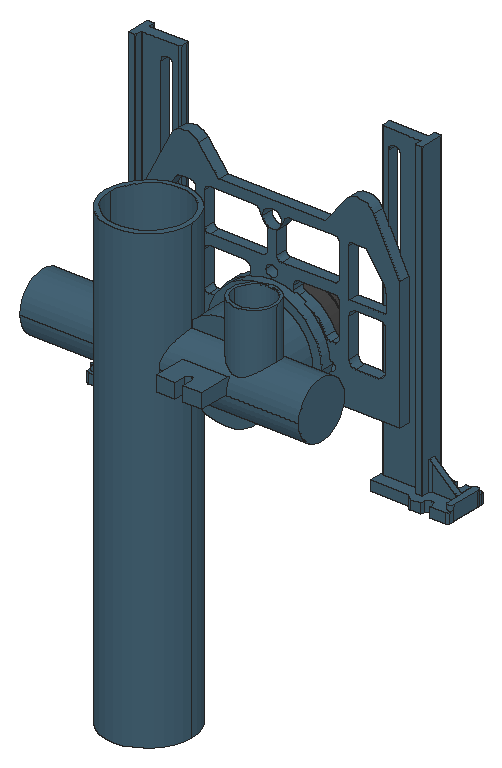
Revit family "Fixture_Support-Water_Closet_Offset_Vertical_Narrow_Wall-Zurn-ZN1209", category Plumbing Fixtures, Revit 2022
Family settings
  Round Connector Dimension = Use Radius
  Part Type = Normal
  OmniClass Number = 23.45.55.11
  OmniClass Title = Sanitary Components
  Work Plane-Based = No
  Always vertical = Yes
  Cut with Voids When Loaded = No
  Maintain Annotation Orientation = No
  Shared = No
  Room Calculation Point = No
Parameters (values of type "ZN1209-NL4")
  Width = 18.875"
  Water Closet Inlet Radius = 1.500"
  Waste Connection = 1 = 1  # yes
  WFU = 1  # constant formula
  Vertical Offset Pipe_NR4 = no
  Vertical Offset Pipe_NL4 = yes
  Vent_NR4 = no
  Vent_NL4 = yes
  Vent Pipe Radius (Nominal) = 1.000"
  Vent Connection = 1 = 0  # no
  URL = "www.zurn.com"
  Type Comments = ""
  Rough_in Height [instance] = if(Enter_Rough_in Height > 9.500", 9.500", if(Enter_Rough_in Height < 4.500", 4.500", Enter_Rough_in Height))  # 5.000"
  Rotational Vent Distance = 3.000"
  Rotational Connector Distance = 0.000"
  Product data url = "https://www.bimobject.com/en-in/zurnindustries/product/zn1209"
  Product Page URL = "https://www.zurn.com/products/drainage-interceptors/carriers-fixture-supports/water-closet-toilet-carriers/zn1209"
  Product Installation Sheet URL = "https://files.zurn.com/care-cleaning-install-warranty-sheets/c17.pdf"
  Product Documentation Link = "https://files.zurn.com/spec-sheets/zn1209-n4.pdf"
  Outlet Pipe Radius (Outer) = 2.250"
  Outlet Pipe Radius (Nominal) = 2.000"
  Outlet Pipe Radius (Inside) = 2.013"
  Modified Date = "03/27/2026"  # constant formula
  Model lines_NR4 = no
  Model Lines_NL4 = yes
  Model = "ZN1209-N4"  # constant formula
  Masking region_NR4 = no
  Masking region_NL4 = yes
  Manufacurer Brand = "Zurn"  # constant formula
  Manufacturer = "Zurn Water, LLC"  # constant formula
  Main Material = Iron - Zurn - Cast - Painted - Blue
  Horizontal Pipe_NR4 = no
  Horizontal Pipe_NL4 = yes
  Height = 16.750"
  HWFU = 0  # constant formula
  HW Connection = 1 = 0  # no
  Enter_Rough_in Height [instance] = 5.000"
  Vent Pipe Radius (Inside) = 1.034"
  Vent Pipe Radius (Outer) = 1.188"
  Vertical Stack Height = 24.000"
  Dimension - N = 6.875"
  Leg to Center of Vertical Pipe = 3.875"
  Description = "VERTICAL OFFSET SIPHON JET NO-HUB NARROW\r\nWALL SYSTEM"  # constant formula
  Default Elevation = 20.000"  # constant formula
  Date Created = "04/03/2019"  # constant formula
  Coupling Radius = 2.313"
  Coupling Material = ABS - Zurn - Plastic
  CWFU = 0  # constant formula
  CW Connection = 1 = 0  # no
  Assembly Code = "D2030400"
  Approx. Weight (Lbs) = 67.00 lbf  # constant formula
Reference planes (in)
  plane 1 "Center (Front/Back)": y = 0
  plane 2: z = 0
  plane 3 "Center (Left/Right)": x = 0
  plane 4: z = 16.75
  plane 5: z = 1
  plane 6: z = 16.75
  plane 7: x = 9.51067
  plane 8: x = -9.4375
  plane 9: x = 9.4375
  plane 10: z = 16.75
  plane 11: z = 1
  plane 12: z = 16.75
  plane 13: x = -9.51067
  plane 14: z = 1.25
  plane 15: x = 7.3375
  plane 16: x = 10.1175
  plane 17: z = 2.25
  plane 18: z = 2.25
  plane 19: z = 15.75
  plane 20: x = -5.9225
  plane 21: x = 5.9375
  plane 22: x = -5.2375
  plane 23: z = 10.1875
  plane 24: z = 8.9375
  plane 25: z = 9.5625
  plane 26: z = 15.75
  plane 27: x = 5.9225
  plane 28: x = -5.9375
  plane 29: x = 5.2375
  plane 30: z = 10.1875
  plane 31: z = 8.9375
  plane 32: z = 9.5625
  plane 33: y = 0.25
  plane 34: y = -0.25
  plane 35: y = 0.125
  plane 36: z = 16.75
  plane 37: z = 10.1875
  plane 38: x = -4.5
  plane 39: x = 4.5
  plane 40: z = 11.6875
  plane 41: x = -5.2375
  plane 42: x = 5.2375
  plane 43: x = -3.8625
  plane 44: x = 2.60138
  plane 45 "Horizontal Mid Plane": z = 5
  plane 46: z = 12.5
  plane 47: z = 1.875
  plane 48: z = 3.37538
  plane 49: x = -2.7809
  plane 50: x = 2.7809
  plane 51: x = 6.63045
  plane 52: x = -6.63045
  plane 53: z = 1.68766
  plane 54: x = -1
  plane 55: x = 1
  plane 56: z = 1.08788
  plane 57: z = 10.8125
  plane 58: z = 11.1875
  plane 59: x = -3.5
  plane 60: x = 3.5
  plane 61: x = 3.0625
  plane 62: z = 1.625
  plane 63: y = 5
  plane 64: x = -1.5
  plane 65: x = -1.5
  plane 66: x = 1.5
  plane 67: x = -2.1875
  plane 68: x = 3.5
  plane 69: y = 1.15625
  plane 70: y = -1.15625
  plane 71: z = 9.0625
  plane 72: z = -12.6875
  plane 73: y = -0.729
  plane 74: y = -2
  plane 75: z = 9
  plane 76: z = 3.20154
  plane 77: z = 6
  plane 78 "yy": y = -6.5
  plane 79: z = 5.75
  plane 80: x = -1.1875
  plane 81: x = 1.1875
  plane 82: z = 0.75
  plane 83: y = -2
  plane 84 "N Plane for N32": y = -6.125
  plane 85: y = -7.5
  plane 86 "B & H Plane": z = 11.3125
  plane 87: y = 0
  plane 88: z = 5.1875
  plane 89 "N Plane for N42": y = -2.375
  plane 90: y = 2.375
  plane 91: y = 1.188
  plane 92: y = -1.188
  plane 93: x = -2.3125
  plane 94: x = 2.3125
  plane 95 "X Plane": z = 7.313
  plane 96: z = 2.687
  plane 97: x = 1.188
  plane 98: x = -1.188
  plane 99 "MIDD": y = -3.875
  plane 100: x = -2.81065
  plane 101: x = 2.60138
  plane 102: x = 1.188
  plane 103: x = -1.188
  plane 104: x = -2.25
  plane 105: x = 2.25
  plane 106 "C PLANE": x = -1.188
  plane 107 "C PLANE-2": x = 1.188
  plane 108 "Plane for stand": y = -9.875
  plane 109: y = -1.35038
  plane 110: y = -8.875
  plane 111: y = -6.875
  plane 112: y = -7.92742
  plane 113: y = -6.68399
  plane 114: x = -1.74852
  plane 115: x = 1.75
  plane 116: x = 3.02717
  plane 117: x = -2.59708
  plane 118: x = -3
  plane 119: y = -18.49644
  plane 120: y = -5.063
  plane 121: z = 11.3125
  plane 122: z = 11.8125
  plane 123: z = 14.3125
  plane 124: y = -0.938
  plane 125: x = 6.57627
  plane 126 "Offset R Plane": x = 4
  plane 127 "New Plane 1": x = 9.5
  plane 128 "New Plane 2": x = -5
  plane 129: y = -5.75
  plane 130: y = 3.95924
  plane 131 "Vent R Plane": x = -1.5
  plane 132: x = 6.25
  plane 133 "Offset L plane": x = -4
  plane 134: x = 5
  plane 135: x = 5
  plane 136: x = -9.5
  plane 137: x = -2.688
  plane 138: x = -0.312
  plane 139: x = 0.312
  plane 140: x = 2.688
  plane 141 "Vent Plane _L4": x = 1.5
  plane 142: y = -1.5
  plane 143: y = -2.687
  plane 144: y = -1.625
  plane 145: x = -6.25148
  plane 146: z = 11.3125
  plane 147 "Rotational Plane": x = -4
  plane 148 "Rotational Vent": x = 1.5
  plane 149: y = 1.25
  plane 150 "Coupling Plane": y = 1.5625
  plane 151: z = 7.313
  plane 152: z = 2.687
  plane 153: y = -5.34384
  plane 154: y = -0.25
  plane 155: y = -2.40625
Forms (in)
  Sweep 1, solid, material "Iron - Zurn - Cast - Painted - Blue" <- "Main Material", detail levels fine
    path origin (17.7625, 0, 0) x (1, 0, 0) y (0, 0, 1)
      loop
        line (-23, 0) -> (-23, 0.5)
    profile origin (-5.2375, 0, 0.25) x (-1, 0, 0) y (0, -1, 0)
      loop
        arc (4.2, 1.06445) -> (4.1328, 1.13165) -> (4.04099, 1.15625) r 0.1836
        line (4.04099, 1.15625) -> (3.24597, 1.15625) -> (3.24597, 0.99724)
        arc (3.24597, 0.99724) -> (3.00746, 0.75874) -> (2.76895, 0.99724) r 0.23851
        line (2.76895, 0.99724) -> (2.76895, 1.15625) -> (2.24328, 1.15625)
        arc (2.24328, 1.15625) -> (2.14359, 1.13481) -> (2.05724, 1.08056) r 0.29363
        line (2.05724, 1.08056) -> (1.90806, 0.82159) -> (0, 0.82159) -> (0, -0.93138) -> (1.90806, -0.93138) -> (2.05724, -1.08056)
        arc (2.05724, -1.08056) -> (2.14359, -1.13481) -> (2.24328, -1.15625) r 0.29363
        line (2.24328, -1.15625) -> (2.76895, -1.15625) -> (2.76895, -0.79503)
        arc (2.76895, -0.79503) -> (3.00746, -0.55652) -> (3.24597, -0.79503) r 0.23851
        line (3.24597, -0.79503) -> (3.24597, -1.15625) -> (4.04099, -1.15625)
        arc (4.04099, -1.15625) -> (4.15343, -1.10968) -> (4.2, -0.99724) r 0.15901
        line (4.2, -0.99724) -> (4.2, 1.06445)
  Sweep 2, solid, material "Iron - Zurn - Cast - Painted - Blue" <- "Main Material", detail levels fine
    path origin (-17.68933, 0, 0) x (-1, 0, 0) y (0, 0, -1)
      loop
        line (-23, 0) -> (-23, -16.75)
    profile origin (5.31067, 0, 8.375) x (-1, 0, 0) y (0, -1, 0)
      loop
        line (14.74817, 0) -> (14.74817, 0.77375)
        arc (14.74817, 0.77375) -> (14.57914, 0.94278) -> (14.41011, 0.77375) r 0.16903
        line (14.41011, 0.77375) -> (14.41011, 0.25284)
        arc (14.41011, 0.25284) -> (14.37267, 0.16244) -> (14.28227, 0.125) r 0.12784
        line (14.28227, 0.125) -> (13.05094, 0.125)
        arc (13.05094, 0.125) -> (12.98255, 0.15333) -> (12.95422, 0.22172) r 0.09672
        line (12.95422, 0.22172) -> (12.95422, 0.59656)
        arc (12.95422, 0.59656) -> (12.94432, 0.62047) -> (12.92041, 0.63037) r 0.03382
        line (12.92041, 0.63037) -> (12.64419, 0.63037)
        arc (12.64419, 0.63037) -> (12.60743, 0.61515) -> (12.59221, 0.5784) r 0.05198
        line (12.59221, 0.5784) -> (12.59221, 0.30224)
        arc (12.59221, 0.30224) -> (12.57691, 0.2653) -> (12.53997, 0.25) r 0.05224
        line (12.53997, 0.25) -> (10.65799, 0.25)
        arc (10.65799, 0.25) -> (10.58033, 0.21783) -> (10.54817, 0.14018) r 0.10982
        line (10.54817, 0.14018) -> (10.54817, 0) -> (10.54817, -0.17683)
        arc (10.54817, -0.17683) -> (10.5696, -0.22857) -> (10.62133, -0.25) r 0.07317
        line (10.62133, -0.25) -> (12.53997, -0.25)
        arc (12.53997, -0.25) -> (12.57691, -0.2653) -> (12.59221, -0.30224) r 0.05224
        line (12.59221, -0.30224) -> (12.59221, -0.5784)
        arc (12.59221, -0.5784) -> (12.60743, -0.61515) -> (12.64419, -0.63037) r 0.05198
        line (12.64419, -0.63037) -> (12.92041, -0.63037)
        arc (12.92041, -0.63037) -> (12.94432, -0.62047) -> (12.95422, -0.59656) r 0.03382
        line (12.95422, -0.59656) -> (12.95422, -0.22172)
        arc (12.95422, -0.22172) -> (12.98255, -0.15333) -> (13.05094, -0.125) r 0.09672
        line (13.05094, -0.125) -> (14.30998, -0.125)
        arc (14.30998, -0.125) -> (14.35466, -0.14351) -> (14.37317, -0.18819) r 0.06319
        line (14.37317, -0.18819) -> (14.37317, -0.76369)
        arc (14.37317, -0.76369) -> (14.56067, -0.95119) -> (14.74817, -0.76369) r 0.1875
        line (14.74817, -0.76369) -> (14.74817, 0)
  Sweep 3, solid, material "Iron - Zurn - Cast - Painted - Blue" <- "Main Material", detail levels fine
    path origin (-17.7625, 0, 0) x (-1, 0, 0) y (0, 0, -1)
      loop
        line (-23, 0) -> (-23, -0.5)
    profile origin (5.2375, 0, 0.25) x (-1, 0, 0) y (0, -1, 0)
      loop
        line (-4.2, 1.06445) -> (-4.2, -0.99724)
        arc (-4.2, -0.99724) -> (-4.15343, -1.10968) -> (-4.04099, -1.15625) r 0.15901
        line (-4.04099, -1.15625) -> (-3.24597, -1.15625) -> (-3.24597, -0.99724)
        arc (-3.24597, -0.99724) -> (-3.00746, -0.75874) -> (-2.76895, -0.99724) r 0.23851
        line (-2.76895, -0.99724) -> (-2.76895, -1.15625) -> (-2.24328, -1.15625)
        arc (-2.24328, -1.15625) -> (-2.14359, -1.13481) -> (-2.05724, -1.08056) r 0.29363
        line (-2.05724, -1.08056) -> (-1.90806, -0.93138) -> (0, -0.93138) -> (0, 0.93138) -> (-1.90806, 0.93138) -> (-2.05724, 1.08056)
        arc (-2.05724, 1.08056) -> (-2.14359, 1.13481) -> (-2.24328, 1.15625) r 0.29363
        line (-2.24328, 1.15625) -> (-2.76895, 1.15625) -> (-2.76895, 0.99724)
        arc (-2.76895, 0.99724) -> (-3.00746, 0.75874) -> (-3.24597, 0.99724) r 0.23851
        line (-3.24597, 0.99724) -> (-3.24597, 1.15625) -> (-4.04099, 1.15625)
        arc (-4.04099, 1.15625) -> (-4.1328, 1.13165) -> (-4.2, 1.06445) r 0.1836
  Sweep 4, solid, material "Iron - Zurn - Cast - Painted - Blue" <- "Main Material", detail levels fine
    path origin (17.68933, 0, 0) x (1, 0, 0) y (0, 0, 1)
      loop
        line (-23, 0) -> (-23, 16.75)
    profile origin (-5.31067, 0, 8.375) x (-1, 0, 0) y (0, -1, 0)
      loop
        line (-14.74817, 0) -> (-14.74817, -0.76369)
        arc (-14.74817, -0.76369) -> (-14.56067, -0.95119) -> (-14.37317, -0.76369) r 0.1875
        line (-14.37317, -0.76369) -> (-14.37317, -0.18819)
        arc (-14.37317, -0.18819) -> (-14.35466, -0.14351) -> (-14.30998, -0.125) r 0.06319
        line (-14.30998, -0.125) -> (-13.05094, -0.125)
        arc (-13.05094, -0.125) -> (-12.98255, -0.15333) -> (-12.95422, -0.22172) r 0.09672
        line (-12.95422, -0.22172) -> (-12.95422, -0.59656)
        arc (-12.95422, -0.59656) -> (-12.94432, -0.62047) -> (-12.92041, -0.63037) r 0.03382
        line (-12.92041, -0.63037) -> (-12.64419, -0.63037)
        arc (-12.64419, -0.63037) -> (-12.60743, -0.61515) -> (-12.59221, -0.5784) r 0.05198
        line (-12.59221, -0.5784) -> (-12.59221, -0.30224)
        arc (-12.59221, -0.30224) -> (-12.57691, -0.2653) -> (-12.53997, -0.25) r 0.05224
        line (-12.53997, -0.25) -> (-10.62133, -0.25)
        arc (-10.62133, -0.25) -> (-10.5696, -0.22857) -> (-10.54817, -0.17683) r 0.07317
        line (-10.54817, -0.17683) -> (-10.54817, 0) -> (-10.54817, 0.14018)
        arc (-10.54817, 0.14018) -> (-10.58033, 0.21783) -> (-10.65799, 0.25) r 0.10982
        line (-10.65799, 0.25) -> (-12.53997, 0.25)
        arc (-12.53997, 0.25) -> (-12.57691, 0.2653) -> (-12.59221, 0.30224) r 0.05224
        line (-12.59221, 0.30224) -> (-12.59221, 0.5784)
        arc (-12.59221, 0.5784) -> (-12.60743, 0.61515) -> (-12.64419, 0.63037) r 0.05198
        line (-12.64419, 0.63037) -> (-12.92041, 0.63037)
        arc (-12.92041, 0.63037) -> (-12.94432, 0.62047) -> (-12.95422, 0.59656) r 0.03382
        line (-12.95422, 0.59656) -> (-12.95422, 0.22172)
        arc (-12.95422, 0.22172) -> (-12.98255, 0.15333) -> (-13.05094, 0.125) r 0.09672
        line (-13.05094, 0.125) -> (-14.28227, 0.125)
        arc (-14.28227, 0.125) -> (-14.37267, 0.16244) -> (-14.41011, 0.25284) r 0.12784
        line (-14.41011, 0.25284) -> (-14.41011, 0.77375)
        arc (-14.41011, 0.77375) -> (-14.57914, 0.94278) -> (-14.74817, 0.77375) r 0.16903
        line (-14.74817, 0.77375) -> (-14.74817, 0)
  Extrusion 5, void
    sketch origin (0, 0, 0) x (1, 0, 0) y (0, 0, 1)
      loop
        line (7.64356, 16.75) -> (7.64356, 1.99495) -> (9.07571, 0.75) -> (10.1175, 0.75) -> (10.1175, 16.75) -> (7.64356, 16.75)
    from -1.15625 to 1.15651
  Extrusion 6, void
    sketch origin (0, 0, 0) x (-1, 0, 0) y (0, 0, -1)
      loop
        line (7.64356, -16.75) -> (10.1175, -16.75) -> (10.1175, -0.75) -> (9.09394, -0.75) -> (7.64356, -1.99495) -> (7.64356, -16.75)
    from -3.06406 to 1.15651
  Extrusion 7, void
    sketch origin (0, 0, 0) x (1, 0, 0) y (0, 0, 1)
      loop
        line (-6.235, 15.75) -> (-6.235, 10.1875)
        arc (-6.235, 10.1875) -> (-5.9225, 9.875) -> (-5.61, 10.1875) r 0.3125
        line (-5.61, 10.1875) -> (-5.61, 15.75)
        arc (-5.61, 15.75) -> (-5.9225, 16.0625) -> (-6.235, 15.75) r 0.3125
      loop
        arc (-6.235, 3.375) -> (-5.9225, 3.0625) -> (-5.61, 3.375) r 0.3125
        line (-5.61, 3.375) -> (-5.61, 8.9375)
        arc (-5.61, 8.9375) -> (-5.9225, 9.25) -> (-6.235, 8.9375) r 0.3125
        line (-6.235, 8.9375) -> (-6.235, 3.375)
    from -0.63037 to 1.15651
  Extrusion 8, void
    sketch origin (0, 0, 0) x (-1, 0, 0) y (0, 0, -1)
      loop
        arc (-6.235, -15.75) -> (-5.9225, -16.0625) -> (-5.61, -15.75) r 0.3125
        line (-5.61, -15.75) -> (-5.61, -10.1875)
        arc (-5.61, -10.1875) -> (-5.9225, -9.875) -> (-6.235, -10.1875) r 0.3125
        line (-6.235, -10.1875) -> (-6.235, -15.75)
      loop
        line (-6.235, -3.375) -> (-6.235, -8.9375)
        arc (-6.235, -8.9375) -> (-5.9225, -9.25) -> (-5.61, -8.9375) r 0.3125
        line (-5.61, -8.9375) -> (-5.61, -3.375)
        arc (-5.61, -3.375) -> (-5.9225, -3.0625) -> (-6.235, -3.375) r 0.3125
    from -0.63037 to 1.15651
  Extrusion 9, solid, material "Iron - Zurn - Cast - Painted - Blue" <- "Main Material", detail levels fine
    sketch origin (0, 0, 0) x (1, 0, 0) y (0, 0, 1)
      loop
        line (-2.7809, 11.6875) -> (-3.804, 13.0303)
        arc (-3.804, 13.0303) -> (-4.58241, 13.37111) -> (-5.2831, 12.89037) r 0.875
        line (-5.2831, 12.89037) -> (-6.63045, 10.1875) -> (-6.63045, 3.37538) -> (-3.05487, 3.37538)
        arc (-3.05487, 3.37538) -> (-2.19604, 2.32624) -> (-1, 1.68766) r 3.46
        line (-1, 1.68766) -> (-1, 1.08788) -> (1, 1.08788) -> (1, 1.68766)
        arc (1, 1.68766) -> (2.19604, 2.32624) -> (3.05487, 3.37538) r 3.46
        line (3.05487, 3.37538) -> (6.63045, 3.37538) -> (6.63045, 10.1875) -> (5.2831, 12.89037)
        arc (5.2831, 12.89037) -> (4.58241, 13.37111) -> (3.804, 13.0303) r 0.875
        line (3.804, 13.0303) -> (2.7809, 11.6875) -> (-2.7809, 11.6875)
    from 0.25 to 0.82159
  Extrusion 10, void
    sketch origin (0, 0, 0) x (1, 0, 0) y (0, 0, 1)
      loop
        circle (0, 10.8125) r 0.5
    from 0 to 0.82159
  Extrusion 11, void
    sketch origin (0, 0, 0) x (1, 0, 0) y (0, 0, 1)
      loop
        arc (-3.25, 11.1875) -> (-3.42678, 11.11428) -> (-3.5, 10.9375) r 0.25
        line (-3.5, 10.9375) -> (-3.5, 9.19494)
        arc (-3.5, 9.19494) -> (-3.42678, 9.01816) -> (-3.25, 8.94494) r 0.25
        line (-3.25, 8.94494) -> (-0.5, 8.94494)
        arc (-0.5, 8.94494) -> (-0.32322, 9.01816) -> (-0.25, 9.19494) r 0.25
        line (-0.25, 9.19494) -> (-0.25, 10.36509)
        arc (-0.25, 10.36509) -> (-0.51673, 10.65947) -> (-0.65305, 11.03259) r 1.03592
        arc (-0.65305, 11.03259) -> (-0.76954, 11.14609) -> (-0.92682, 11.1875) r 0.31937
        line (-0.92682, 11.1875) -> (-3.25, 11.1875)
      loop
        line (3.25, 11.1875) -> (0.92682, 11.1875)
        arc (0.92682, 11.1875) -> (0.76954, 11.14609) -> (0.65305, 11.03259) r 0.31937
        arc (0.65305, 11.03259) -> (0.51673, 10.65947) -> (0.25, 10.36509) r 1.03592
        line (0.25, 10.36509) -> (0.25, 9.19494)
        arc (0.25, 9.19494) -> (0.32322, 9.01816) -> (0.5, 8.94494) r 0.25
        line (0.5, 8.94494) -> (3.25, 8.94494)
        arc (3.25, 8.94494) -> (3.42678, 9.01816) -> (3.5, 9.19494) r 0.25
        line (3.5, 9.19494) -> (3.5, 10.9375)
        arc (3.5, 10.9375) -> (3.42678, 11.11428) -> (3.25, 11.1875) r 0.25
      loop
        line (4, 10.97357) -> (4, 8.438) -> (5.9375, 8.438) -> (5.9375, 9.26778)
        arc (5.9375, 9.26778) -> (5.87965, 9.64366) -> (5.71144, 9.98475) r 1.25
        line (5.71144, 9.98475) -> (4.94391, 11.08089)
        arc (4.94391, 11.08089) -> (4.85456, 11.15925) -> (4.73912, 11.1875) r 0.25
        line (4.73912, 11.1875) -> (4.21393, 11.1875)
        arc (4.21393, 11.1875) -> (4.06266, 11.12484) -> (4, 10.97357) r 0.21393
      loop
        arc (-4, 10.97357) -> (-4.06266, 11.12484) -> (-4.21393, 11.1875) r 0.21393
        line (-4.21393, 11.1875) -> (-4.73912, 11.1875)
        arc (-4.73912, 11.1875) -> (-4.85456, 11.15925) -> (-4.94391, 11.08089) r 0.25
        line (-4.94391, 11.08089) -> (-5.71144, 9.98475)
        arc (-5.71144, 9.98475) -> (-5.87965, 9.64366) -> (-5.9375, 9.26778) r 1.25
        line (-5.9375, 9.26778) -> (-5.9375, 8.25)
        arc (-5.9375, 8.25) -> (-5.90089, 8.16161) -> (-5.8125, 8.125) r 0.125
        line (-5.8125, 8.125) -> (-4, 8.125) -> (-4, 10.97357)
      loop
        line (-3.5, 8.19494) -> (-3.5, 6.3744)
        arc (-3.5, 6.3744) -> (-3.43909, 6.22735) -> (-3.29205, 6.16644) r 0.20795
        line (-3.29205, 6.16644) -> (-3.06674, 6.16644)
        arc (-3.06674, 6.16644) -> (-2.91657, 6.21061) -> (-2.81065, 6.32586) r 0.29267
        arc (-2.81065, 6.32586) -> (-2.19195, 7.1595) -> (-1.26847, 7.63377) r 2.28719
        arc (-1.26847, 7.63377) -> (-1.15787, 7.75228) -> (-1.11773, 7.90933) r 0.32722
        line (-1.11773, 7.90933) -> (-1.11773, 8.11898)
        arc (-1.11773, 8.11898) -> (-1.2256, 8.34324) -> (-1.45272, 8.44494) r 0.36214
        line (-1.45272, 8.44494) -> (-3.25, 8.44494)
        arc (-3.25, 8.44494) -> (-3.42678, 8.37172) -> (-3.5, 8.19494) r 0.25
      loop
        arc (3.5, 8.19494) -> (3.42678, 8.37172) -> (3.25, 8.44494) r 0.25
        line (3.25, 8.44494) -> (1.45272, 8.44494)
        arc (1.45272, 8.44494) -> (1.2256, 8.34324) -> (1.11773, 8.11898) r 0.36214
        line (1.11773, 8.11898) -> (1.11773, 7.90933)
        arc (1.11773, 7.90933) -> (1.15787, 7.75228) -> (1.26847, 7.63377) r 0.32722
        arc (1.26847, 7.63377) -> (2.19195, 7.1595) -> (2.81065, 6.32586) r 2.28719
        arc (2.81065, 6.32586) -> (2.91657, 6.21061) -> (3.06674, 6.16644) r 0.29267
        line (3.06674, 6.16644) -> (3.29205, 6.16644)
        arc (3.29205, 6.16644) -> (3.43909, 6.22735) -> (3.5, 6.3744) r 0.20795
        line (3.5, 6.3744) -> (3.5, 8.19494)
      loop
        arc (-5.58933, 7.75) -> (-5.82117, 7.65397) -> (-5.91721, 7.42212) r 0.32788
        line (-5.91721, 7.42212) -> (-5.91721, 5.67274)
        arc (-5.91721, 5.67274) -> (-5.81169, 5.41801) -> (-5.55697, 5.3125) r 0.36024
        line (-5.55697, 5.3125) -> (-4.34636, 5.3125)
        arc (-4.34636, 5.3125) -> (-4.10721, 5.41156) -> (-4.00815, 5.65072) r 0.33822
        line (-4.00815, 5.65072) -> (-4.00815, 7.38173)
        arc (-4.00815, 7.38173) -> (-4.11601, 7.64214) -> (-4.37642, 7.75) r 0.36827
        line (-4.37642, 7.75) -> (-5.58933, 7.75)
      loop
        line (5.58933, 8.063) -> (4.37642, 8.063)
        arc (4.37642, 8.063) -> (4.11601, 7.95514) -> (4.00815, 7.69473) r 0.36827
        line (4.00815, 7.69473) -> (4.00815, 5.65072)
        arc (4.00815, 5.65072) -> (4.10721, 5.41156) -> (4.34636, 5.3125) r 0.33822
        line (4.34636, 5.3125) -> (5.55697, 5.3125)
        arc (5.55697, 5.3125) -> (5.81169, 5.41801) -> (5.91721, 5.67274) r 0.36024
        line (5.91721, 5.67274) -> (5.91721, 7.73512)
        arc (5.91721, 7.73512) -> (5.82117, 7.96697) -> (5.58933, 8.063) r 0.32788
      loop
        circle (0, 8.375) r 0.3125
      loop
        circle (3.0625, 5) r 0.25
      loop
        circle (-3.0625, 5) r 0.25
      loop
        circle (0, 1.625) r 0.3125
      loop
        circle (0, 5) r 2.75
    from -0.93138 to 1.8997
  Extrusion 12, solid, material "Iron - Zurn - Cast - Painted - Blue" <- "Main Material", visible <- "Vertical Offset Pipe_NR4", detail levels fine
    sketch origin (0.00148, 0, 0) x (1, 0, 0) y (0, 1, 0)
      loop
        circle (3.99852, -3.875) r 2.013
      loop
        circle (3.99852, -3.875) r 2.25
    from -12.6875 to 11.3125
  Extrusion 13, solid, material "Iron - Zurn - Cast - Painted - Blue" <- "Main Material", detail levels fine
    sketch origin (0, 0, 0) x (1, 0, 0) y (0, 0, 1)
      loop
        circle (0, 5) r 3
    from 0.729 to 1.35038
  Extrusion 14, solid, material "Iron - Zurn - Cast - Painted - Blue" <- "Main Material", detail levels fine
    sketch origin (0, 0, 0) x (1, 0, 0) y (0, 1, 0)
      loop
        line (-1.1875, -4.75894) -> (-1.1875, -6.875) -> (-0.21046, -6.875) -> (-0.21046, -6.30899)
        arc (-0.21046, -6.30899) -> (0, -6.09853) -> (0.21046, -6.30899) r 0.21046
        line (0.21046, -6.30899) -> (0.21046, -6.875) -> (1.1875, -6.875) -> (1.1875, -4.75894) -> (-1.1875, -4.75894)
    from 5.75 to 5
  Extrusion 15, solid, material "Iron - Zurn - Cast - Painted - Blue" <- "Main Material", visible <- "Vent_NR4", detail levels fine
    sketch origin (0, -5.74975, -12.6875) x (1, 0, 0) y (0, -1, 0)
      loop
        circle (-1.5, -1.87475) r 1.188
      loop
        circle (-1.5, -1.87475) r 1.034
    from -21.75 to -17.6875
  Extrusion 16, solid, material "Iron - Zurn - Cast - Painted - Blue" <- "Main Material", visible <- "Horizontal Pipe_NR4", detail levels fine
    sketch origin (0, 0, 0) x (0, 1, 0) y (0, 0, 1)
      loop
        circle (-3.875, 5) r 1.46875
    from -5 to 9.5
  Extrusion 17, solid, material "Iron - Zurn - Cast - Painted - Blue" <- "Main Material", detail levels fine
    sketch origin (-15.25, -3.875, 48) x (-1, 0, 0) y (0, 0, 1)
      loop
        circle (-15.25, -43) r 2.5
    from 0 to 2.89962
  Extrusion 18, solid, material "Iron - Zurn - Cast - Painted - Blue" <- "Main Material", visible <- "Vertical Offset Pipe_NL4", detail levels fine
    sketch origin (0, 0, 0) x (-1, 0, 0) y (0, -1, 0)
      loop
        circle (4, 3.875) r 2.013
      loop
        circle (4, 3.875) r 2.25
    from -12.6875 to 11.3125
  Extrusion 19, solid, material "Iron - Zurn - Cast - Painted - Blue" <- "Main Material", visible <- "Vent_NL4", detail levels fine
    sketch origin (0, -5.74975, -12.6875) x (1, 0, 0) y (0, -1, 0)
      loop
        circle (1.5, -1.87475) r 1.188
      loop
        circle (1.5, -1.87475) r 1.034
    from -21.75 to -17.1875
  Extrusion 20, solid, material "Iron - Zurn - Cast - Painted - Blue" <- "Main Material", visible <- "Horizontal Pipe_NL4", detail levels fine
    sketch origin (0, 0, 0) x (0, 1, 0) y (0, 0, -1)
      loop
        circle (-3.875, -5) r 1.46875
    from -5 to 9.5
  Sweep 21, solid, material "Iron - Zurn - Cast - Painted - Blue" <- "Main Material", not visible, detail levels fine
    path in 3D
      loop
        line (-4, -3.875, 11.3125) -> (-4, -3.875, -12.6875)
    profile origin (-4, -3.875, -0.6875) x (0, 1, 0) y (-1, 0, 0)
      loop
        circle (0, 0) r 0.25
  Extrusion 22, solid, material "ABS - Zurn - Plastic" <- "Coupling Material", detail levels fine
    sketch origin (-15.25, -3.875, 48) x (-1, 0, 0) y (0, 0, 1)
      loop
        circle (-15.25, -43) r 2.25
    from 3.146 to 5.125
  Extrusion 23, solid, material "ABS - Zurn - Plastic" <- "Coupling Material", detail levels fine
    sketch origin (-15.25, -3.875, 47.96875) x (-1, 0, 0) y (0, 0, 1)
      loop
        circle (-15.25, -42.96875) r 2.3125
    from 5.125 to 5.4375
  Sweep 24, solid, material "Iron - Zurn - Cast - Painted - Blue" <- "Main Material", not visible, detail levels fine
    path in 3D
      loop
        line (1.5, -3.875, 9.0625) -> (1.5, -3.875, 5)
    profile origin (1.5, -3.875, 7.03125) x (0, 1, 0) y (-1, 0, 0)
      loop
        circle (0, 0) r 0.25
Cuts and joins
  Extrusion 5, Extrusion 6 cuts Sweep 3
  Extrusion 5, Extrusion 6, Extrusion 8 cuts Sweep 4
  Extrusion 6, Extrusion 7, Extrusion 8 cuts Sweep 2
  Extrusion 10, Extrusion 11 cuts Extrusion 9
Lines and regions (in)
  Masking region 1, detail levels fine
    outline origin (0, 0, -11.187) x (1, 0, 0) y (0, 1, 0)
      loop
        line (-1.188, -5.7858) -> (-1.188, -6.875) -> (-0.21046, -6.875) -> (-0.21046, -6.30899)
        arc (-0.21046, -6.30899) -> (0, -6.09853) -> (0.21046, -6.30899) r 0.21046
        line (0.21046, -6.30899) -> (0.21046, -6.875) -> (1.188, -6.875) -> (1.188, -5.91136)
        arc (1.188, -5.91136) -> (1.50539, -5.68935) -> (1.78215, -5.41838) r 2.35756
        line (1.78215, -5.41838) -> (5, -5.41838) -> (5, -2.27847) -> (2.49962, -2.27847) -> (2.49962, -1.35038) -> (3.02717, -1.35038) -> (3.02717, -0.82159) -> (5.2375, -0.82159) -> (5.2375, -1.15625) -> (9.4375, -1.15625) -> (9.4375, 1.15625) -> (5.2375, 1.15625) -> (5.2375, -0.25) -> (2.3125, -0.25) -> (2.3125, 1.5625) -> (-2.3125, 1.5625) -> (-2.3125, -0.25) -> (-5.2375, -0.25) -> (-5.2375, 1.15625) -> (-9.4375, 1.15625) -> (-9.4375, -1.15625) -> (-5.2375, -1.15625) -> (-5.2375, -0.82159) -> (-3, -0.82159) -> (-3, -1.35038) -> (-2.5, -1.35038) -> (-2.5, -2.40625) -> (-5, -2.40625) -> (-5, -5.34384) -> (-1.70441, -5.34384)
        arc (-1.70441, -5.34384) -> (-1.46299, -5.58443) -> (-1.188, -5.7858) r 2.25
  Masking region 2, visible <- "Masking region_NL4", detail levels fine
    outline origin (0, -38.188, 11.3125) x (0, -1, 0) y (1, 0, 0)
      loop
        line (-35.78175, -9.5) -> (-32.84425, -9.5) -> (-32.84425, -5.70543)
        arc (-32.84425, -5.70543) -> (-32.06229, -3.99848) -> (-32.84656, -2.29258) r 2.25071
        arc (-32.84656, -2.29258) -> (-35.25144, -1.95426) -> (-36.56371, -3.99775) r 2.25071
        arc (-36.56371, -3.99775) -> (-36.35937, -4.93705) -> (-35.78175, -5.70543) r 2.25071
        line (-35.78175, -5.70543) -> (-35.78175, -9.5)
  Masking region 3, visible <- "Masking region_NR4", detail levels fine
    outline origin (0, -38.188, 11.3125) x (0, -1, 0) y (1, 0, 0)
      loop
        arc (-35.78156, 5.70465) -> (-34.31313, 1.75) -> (-32.84425, 5.70449) r 2.25
        line (-32.84425, 5.70449) -> (-32.84425, 9.5) -> (-35.78156, 9.5) -> (-35.78156, 5.70465)
  model lines, not visible, detail levels coarse+medium
    curve 1: line (-1.188, -3.875, 11.3125) -> (1.188, -3.875, 11.3125)
  symbolic lines, not visible, detail levels coarse+medium
    curve 2: line (0, -0.938, 11.3125) -> (0, -1.188, 11.3125)
  model lines, visible <- "Model lines_NR4", detail levels coarse+medium
    curve 3: line (-1.5, -3.875, 9.0625) -> (-1.5, -3.875, 5)
    curve 7: line (4, -3.875, -12.6875) -> (4, -3.875, 11.3125)
    curve 8: line (4, -6.125, -12.6875) -> (4, -1.5, -12.6875)
    curve 9: line (1.75, -3.875, -12.6875) -> (6.25, -3.875, -12.6875)
    curve 10: line (4, -1.5, 11.3125) -> (4, -6.125, 11.3125)
    curve 11: line (1.75, -3.875, 11.3125) -> (6.25, -3.875, 11.3125)
    curve 12: line (-2.688, -3.875, 9.0625) -> (-0.312, -3.875, 9.0625)
    curve 13: line (-1.5, -2.687, 9.0625) -> (-1.5, -5.063, 9.0625)
    curve 19: line (-5, -3.875, 5) -> (9.5, -3.875, 5)
  model lines, visible <- "Model Lines_NL4", detail levels coarse+medium
    curve 4: line (-4, -3.875, -12.6875) -> (-4, -3.875, 11.3125)
    curve 5: line (-9.5, -3.875, 5) -> (5, -3.875, 5)
    curve 6: line (1.5, -3.875, 9.0625) -> (1.5, -3.875, 5)
    curve 14: line (-6.25148, -3.875, -12.6875) -> (-1.74852, -3.875, -12.6875)
    curve 15: line (-4, -1.625, -12.6875) -> (-4, -6.125, -12.6875)
    curve 16: line (-4, -1.625, 11.3125) -> (-4, -6.125, 11.3125)
    curve 17: line (0.312, -3.875, 9.0625) -> (2.688, -3.875, 9.0625)
    curve 18: line (1.5, -5.063, 9.0625) -> (1.5, -2.687, 9.0625)
    curve 20: line (-6.25148, -3.875, 11.3125) -> (-1.74852, -3.875, 11.3125)
  reference lines
    curve 21: line (-4, -3.875, 11.3125) -> (-4, -3.875, -12.6875)
    curve 22: line (-4, -3.875, -12.6875) -> (-4, -3.875, 11.3125)
    curve 23: line (-4, -3.875, 11.3125) -> (-4, -3.875, -12.6875)
    curve 25: line (1.5, -3.875, 9.0625) -> (1.5, -3.875, 5)
  sketch lines
    curve 24: line (-4, -3.875, 11.3125) -> (-4, -3.875, -12.6875)
    curve 26: line (1.5, -3.875, 9.0625) -> (1.5, -3.875, 5)
  model lines, detail levels coarse+medium
    curve 27: line (0, -3.875, 5) -> (0, 1.5625, 5)
    curve 28: line (2.3125, 1.5625, 5) -> (-2.3125, 1.5625, 5)
    curve 29: line (0, 1.5625, 2.687) -> (0, 1.5625, 7.313)
Dimensions and locks (in)
  plane 4 to level = 16.750"
  plane 5 to level = 1.000"
  Sweep 2 sketch curve to profile plane = 0.250"  (x2)
  profile plane to plane 7 = 4.200"
  Sweep 2 sketch curve to Sweep 2 sketch curve = 0.36202"
  equal spacing: Sweep 2 sketch curve, profile plane, Sweep 2 sketch curve  (x2)
  Sweep 2 sketch curve to profile plane = 0.125"
  equal spacing: plane 9, plane 3 "Center (Left/Right)", plane 8
  plane 3 "Center (Left/Right)" to plane 8 = 9.4375"
  Sweep 4 sketch curve to profile plane = 0.250"  (x2)
  plane 13 to profile plane = 4.200"
  Sweep 4 sketch curve to Sweep 4 sketch curve = 0.36202"
  equal spacing: Sweep 4 sketch curve, profile plane, Sweep 4 sketch curve  (x2)
  Sweep 4 sketch curve to profile plane = 0.125"
  plane 14 to level = 1.250"
  plane 9 to plane 15 = 2.100"
  plane 16 to plane 9 = 0.680"
  plane 17 to level = 2.250"
  cut or joined group of Sweep 2, Extrusion 6, Extrusion 7, Extrusion 8 to plane 19 = 1.000"
  plane 22 to plane 20 = 0.685"
  plane 23 to plane 24 = 1.250"
  plane 29 to plane 27 = 0.685"
  plane 31 to plane 30 = 1.250"
  "Height": plane 36 to level
  plane 36 to plane 37 = 6.5625"
  equal spacing: plane 38, plane 3 "Center (Left/Right)", plane 39
  locked: plane 38 to plane 39 at 9
  plane 40 to plane 37 = 1.500"
  plane 41 to plane 43 = 1.375"
  plane 47 to level = 1.875"  (x2)
  "Width": plane 9 to plane 8
  "Rough_in Height": plane 45 "Horizontal Mid Plane" to level
  locked: plane 46 to plane 45 "Horizontal Mid Plane" at 7.5
  plane 46 to Extrusion 9 sketch curve = 0.8125"
  plane 45 "Horizontal Mid Plane" to plane 48 = 1.62462"  (x2)
  equal spacing: plane 50, plane 3 "Center (Left/Right)", plane 49
  locked: plane 40 to plane 45 "Horizontal Mid Plane" at 6.6875
  plane 48 to plane 47 = 1.50038"
  locked: plane 40 to Extrusion 9 sketch curve at 1.5
  locked: plane 40 to plane 37 at 1.5
  Extrusion 9 sketch curve to plane 48 = 6.81212"
  plane 45 "Horizontal Mid Plane" to plane 47 = 3.125"
  plane 40 to plane 48 = 8.31212"
  plane 48 to plane 53 = 1.68772"
  plane 46 to plane 47 = 10.625"
  plane 40 to plane 47 = 9.8125"
  locked: plane 45 "Horizontal Mid Plane" to plane 56 at 3.91212
  locked: plane 45 "Horizontal Mid Plane" to plane 53 at 3.31234
  plane 40 to plane 57 = 0.875"
  plane 3 "Center (Left/Right)" to Extrusion 11 sketch curve = 0.250"
  plane 40 to plane 58 = 0.500"
  plane 3 "Center (Left/Right)" to plane 59 = 3.500"
  plane 60 to plane 3 "Center (Left/Right)" = 3.500"
  Extrusion 11 sketch curve to plane 39 = 1.4375"
  Extrusion 11 sketch curve to Extrusion 11 sketch curve = 2.4375"
  plane 61 to plane 3 "Center (Left/Right)" = 3.0625"
  plane 45 "Horizontal Mid Plane" to plane 62 = 3.375"
  locked: plane 66 to plane 65 at 3
  plane 67 to plane 3 "Center (Left/Right)" = 2.1875"
  equal spacing: plane 70, plane 1 "Center (Front/Back)", plane 69
  locked: plane 70 to plane 69 at 2.3125
  plane 73 to plane 1 "Center (Front/Back)" = 0.729"
  plane 75 to plane 45 "Horizontal Mid Plane" = 4.000"
  plane 71 to plane 45 "Horizontal Mid Plane" = 4.0625"  (x2)
  plane 77 to plane 45 "Horizontal Mid Plane" = 1.000"
  plane 79 to plane 45 "Horizontal Mid Plane" = 0.750"
  equal spacing: plane 80, plane 3 "Center (Left/Right)", plane 81
  plane 80 to plane 3 "Center (Left/Right)" = 1.1875"
  plane 71 to plane 79 = 3.3125"
  plane 82 to level = 0.750"
  plane 83 to plane 73 = 1.271"
  plane 85 to plane 84 "N Plane for N32" = 1.375"
  plane 1 "Center (Front/Back)" to plane 87 = 0.000"
  plane 88 to plane 45 "Horizontal Mid Plane" = 0.1875"
  plane 86 "B & H Plane" to plane 88 = 6.125"
  "Vertical Stack Height": plane 86 "B & H Plane" to plane 72
  equal spacing: plane 89 "N Plane for N42", plane 87, plane 90
  plane 67 to plane 93 to plane 43 = 0.125", 1.550"
  plane 44 to plane 94 to plane 66 = 0.28888", 0.8125"
  plane 93 to plane 94 = 4.625"
  equal spacing: plane 93, plane 3 "Center (Left/Right)", plane 94
  equal spacing: plane 95 "X Plane", plane 45 "Horizontal Mid Plane", plane 96
  "Coupling Radius": plane 45 "Horizontal Mid Plane" to plane 96
  plane 87 to plane 1 "Center (Front/Back)" = 0.000"
  "Vent Pipe Radius (Outer)": plane 3 "Center (Left/Right)" to plane 106 "C PLANE"
  "Vent Pipe Radius (Outer)": plane 107 "C PLANE-2" to plane 3 "Center (Left/Right)"
  locked: Extrusion 14 sketch curve to Extrusion 14 sketch curve at 0.56601  (x2)
  plane 99 "MIDD" to plane 89 "N Plane for N42" = 1.500"
  plane 110 to plane 89 "N Plane for N42" = 6.500"
  locked: plane 108 "Plane for stand" to plane 110 at 1
  locked: plane 110 to plane 84 "N Plane for N32" at 2.75
  plane 110 to Extrusion 14 sketch curve = 4.11606"
  "Vent Pipe Radius (Outer)": plane 99 "MIDD" to plane 120
  plane 99 "MIDD" to plane 84 "N Plane for N32" = 2.250"
  locked: plane 86 "B & H Plane" to plane 121
  locked: plane 122 to plane 121 at 0.5
  locked: plane 123 to plane 121 at 3
  plane 92 to plane 124 = 0.250"
  plane 121 to plane 72 = 24.000"
  plane 126 "Offset R Plane" to plane 3 "Center (Left/Right)" = 4.000"  (x2)
  plane 72 to plane 121 = 24.000"
  plane 127 "New Plane 1" to plane 3 "Center (Left/Right)" = 9.500"
  plane 3 "Center (Left/Right)" to plane 128 "New Plane 2" = 5.000"
  "Leg to Center of Vertical Pipe": plane 99 "MIDD" to plane 87
  "Dimension - N": plane 111 to plane 87
  plane 131 "Vent R Plane" to plane 126 "Offset R Plane" = 5.500"
  equal spacing: plane 132, plane 126 "Offset R Plane", plane 115
  "Outlet Pipe Radius (Outer)": plane 126 "Offset R Plane" to plane 115
  plane 133 "Offset L plane" to plane 3 "Center (Left/Right)" = 4.000"
  plane 133 "Offset L plane" to plane 66 = 5.500"
  locked: plane 136 to plane 66 at 11
  locked: plane 66 to plane 135 at 3.5
  equal spacing: plane 137, plane 131 "Vent R Plane", plane 138
  "Vent Pipe Radius (Outer)": plane 137 to plane 131 "Vent R Plane"
  plane 141 "Vent Plane _L4" to plane 133 "Offset L plane" = 5.500"
  equal spacing: plane 139, plane 141 "Vent Plane _L4", plane 140
  "Vent Pipe Radius (Outer)": plane 141 "Vent Plane _L4" to plane 139
  equal spacing: plane 120, plane 99 "MIDD", plane 143
  plane 99 "MIDD" to plane 143 = 1.188"
  equal spacing: plane 144, plane 99 "MIDD", plane 84 "N Plane for N32"
  "Outlet Pipe Radius (Outer)": plane 99 "MIDD" to plane 84 "N Plane for N32"
  equal spacing: plane 145, plane 133 "Offset L plane", plane 114
  plane 133 "Offset L plane" to plane 114 = 2.25148"
  equal spacing: plane 126 "Offset R Plane", plane 3 "Center (Left/Right)", plane 133 "Offset L plane"
  plane 3 "Center (Left/Right)" to plane 133 "Offset L plane" = 4.000"
  "Rotational Connector Distance": plane 147 "Rotational Plane" to plane 133 "Offset L plane"
  "Rotational Vent Distance": plane 131 "Vent R Plane" to plane 148 "Rotational Vent"
  plane 149 to cut or joined group of Extrusion 9, Extrusion 10, Extrusion 11 = 1.500"
  plane 150 "Coupling Plane" to plane 149 = 0.3125"
  "Coupling Radius": plane 45 "Horizontal Mid Plane" to plane 151
  "Coupling Radius": plane 152 to plane 45 "Horizontal Mid Plane"
  "Outlet Pipe Radius (Inside)": radius of Extrusion 12 sketch curve
  "Outlet Pipe Radius (Outer)": radius of Extrusion 12 sketch curve
  "Vent Pipe Radius (Outer)": radius of Extrusion 15 sketch curve
  "Vent Pipe Radius (Inside)": radius of Extrusion 15 sketch curve
  "Outlet Pipe Radius (Inside)": radius of Extrusion 18 sketch curve
  "Outlet Pipe Radius (Outer)": radius of Extrusion 18 sketch curve
  "Vent Pipe Radius (Outer)": radius of Extrusion 19 sketch curve
  "Vent Pipe Radius (Inside)": radius of Extrusion 19 sketch curve
  aligned and locked: plane 2 to level
  aligned and locked: Sweep 2 sketch curve to Sweep 2 sketch curve
  aligned and locked: plane 9 to Sweep 3
  aligned and locked: Sweep 4 sketch curve to Sweep 4 sketch curve
  aligned and locked: Sweep 2 to Extrusion 7
  aligned and locked: level to Sweep 1
  aligned and locked: level to cut or joined group of Sweep 3, Extrusion 5, Extrusion 6
  aligned and locked: Sweep 4 sketch curve to plane 9
  aligned and locked: plane 42 to cut or joined group of Sweep 4, Extrusion 5, Extrusion 6, Extrusion 8
  aligned and locked: plane 3 "Center (Left/Right)" to Extrusion 9 sketch curve
  aligned and locked: plane 45 "Horizontal Mid Plane" to Extrusion 9 sketch curve
  aligned and locked: plane 48 to Extrusion 9 sketch curve
  aligned and locked: Extrusion 9 sketch curve to plane 48
  aligned and locked: plane 46 to Extrusion 9 sketch curve
  aligned and locked: plane 39 to Extrusion 9 sketch curve
  aligned and locked: plane 49 to Extrusion 9 sketch curve
  aligned and locked: plane 52 to Extrusion 9 sketch curve
  aligned and locked: plane 53 to Extrusion 9 sketch curve  (x2)
  aligned and locked: Extrusion 9 sketch curve to plane 56
  aligned and locked: plane 57 to Extrusion 10 sketch curve
  aligned and locked: plane 3 "Center (Left/Right)" to Extrusion 10 sketch curve
  aligned and locked: plane 58 to Extrusion 11 sketch curve
  aligned and locked: Extrusion 11 sketch curve to plane 58
  aligned and locked: plane 59 to Extrusion 11 sketch curve
  aligned and locked: plane 60 to Extrusion 11 sketch curve
  aligned and locked: plane 45 "Horizontal Mid Plane" to Extrusion 11 sketch curve
  aligned and locked: plane 3 "Center (Left/Right)" to Extrusion 11 sketch curve  (x2)
  aligned and locked: plane 62 to Extrusion 11 sketch curve
  aligned and locked: plane 69 to Sweep 3 sketch curve  (x2)
  aligned and locked: Sweep 3 sketch curve to plane 70  (x2)
  aligned and locked: Sweep 1 sketch curve to plane 69  (x2)
  aligned and locked: plane 70 to Sweep 1 sketch curve  (x2)
  aligned and locked: Extrusion 9 to Extrusion 10
  aligned and locked: plane 45 "Horizontal Mid Plane" to Extrusion 13 sketch curve
  aligned and locked: plane 3 "Center (Left/Right)" to Extrusion 13 sketch curve
  aligned and locked: plane 80 to Extrusion 14 sketch curve
  aligned and locked: Extrusion 14 sketch curve to plane 81
  aligned and locked: Sweep 1 to Extrusion 5
  aligned and locked: Sweep 1 sketch curve to plane 41
  aligned and locked: Extrusion 6 to Extrusion 5
  aligned and locked: plane 82 to Extrusion 6 sketch curve
  aligned and locked: plane 82 to Extrusion 5 sketch curve
  aligned and locked: Extrusion 11 to Sweep 1
  aligned and locked: plane 99 "MIDD" to Extrusion 15 sketch curve
  aligned and locked: curve 1 to plane 99 "MIDD"
  aligned and locked: plane 103 to plane 98
  aligned and locked: plane 97 to plane 102
  aligned and locked: plane 92 to curve 2
  aligned and locked: curve 2 to plane 86 "B & H Plane"
  aligned and locked: plane 99 "MIDD" to Masking region 1 sketch curve  (x2)
  aligned and locked: plane 3 "Center (Left/Right)" to Masking region 1 sketch curve  (x2)
  aligned and locked: plane 69 to Sweep 1
  aligned and locked: Extrusion 13 to plane 109
  aligned and locked: plane 44 to plane 101
  aligned and locked: Masking region 1 sketch curve to cut or joined group of Extrusion 9, Extrusion 10, Extrusion 11  (x2)
  aligned and locked: plane 41 to Masking region 1 sketch curve
  aligned and locked: Masking region 1 sketch curve to plane 69
  aligned and locked: plane 70 to Masking region 1 sketch curve
  aligned and locked: plane 109 to Masking region 1 sketch curve
  aligned and locked: Masking region 1 sketch curve to plane 109
  aligned and locked: plane 116 to Masking region 1 sketch curve
  aligned and locked: plane 118 to Masking region 1
  aligned and locked: Masking region 1 sketch curve to plane 41
  aligned and locked: plane 3 "Center (Left/Right)" to Extrusion 14 sketch curve
  aligned and locked: plane 121 to Extrusion 12
  aligned and locked: plane 124 to curve 2
  aligned and locked: plane 72 to Extrusion 12
  aligned and locked: plane 126 "Offset R Plane" to Extrusion 12 sketch curve  (x2)
  aligned and locked: plane 128 "New Plane 2" to Extrusion 16
  aligned and locked: plane 127 "New Plane 1" to Extrusion 16
  aligned and locked: plane 45 "Horizontal Mid Plane" to Extrusion 17 sketch curve
  aligned and locked: plane 3 "Center (Left/Right)" to Extrusion 17 sketch curve
  aligned and locked: plane 45 "Horizontal Mid Plane" to Extrusion 16 sketch curve
  aligned and locked: Extrusion 15 to plane 45 "Horizontal Mid Plane"
  aligned and locked: plane 79 to Extrusion 14
  aligned and locked: Extrusion 14 to plane 45 "Horizontal Mid Plane"
  aligned and locked: plane 99 "MIDD" to Extrusion 16 sketch curve
  aligned and locked: plane 99 "MIDD" to Extrusion 12 sketch curve  (x2)
  aligned and locked: Extrusion 14 sketch curve to plane 111
  aligned and locked: plane 131 "Vent R Plane" to Extrusion 15 sketch curve  (x2)
  aligned and locked: plane 71 to Extrusion 15
  aligned and locked: plane 132 to Extrusion 12
  aligned and locked: Extrusion 12 to plane 72
  aligned and locked: plane 69 to Masking region 1  (x2)
  aligned and locked: plane 128 "New Plane 2" to Masking region 1
  aligned and locked: Sweep 1 to plane 70
  aligned and locked: Masking region 1 to Extrusion 20
  aligned and locked: plane 99 "MIDD" to Masking region 3 sketch curve
  aligned and locked: plane 99 "MIDD" to Extrusion 18 sketch curve  (x2)
  aligned and locked: plane 133 "Offset L plane" to Extrusion 18 sketch curve  (x2)
  aligned and locked: plane 99 "MIDD" to Extrusion 19 sketch curve
  aligned and locked: plane 66 to Extrusion 19 sketch curve
  aligned and locked: Extrusion 20 to plane 135
  aligned and locked: Extrusion 20 to plane 136
  aligned and locked: plane 71 to curve 3
  aligned and locked: plane 131 "Vent R Plane" to curve 3
  aligned and locked: plane 86 "B & H Plane" to curve 4
  aligned and locked: plane 72 to curve 4
  aligned and locked: plane 136 to curve 5
  aligned and locked: plane 135 to curve 5
  aligned and locked: curve 5 to plane 99 "MIDD"
  aligned and locked: plane 71 to curve 6
  aligned and locked: curve 5 to curve 6
  aligned and locked: curve 6 to plane 141 "Vent Plane _L4"
  aligned and locked: plane 121 to curve 7
  aligned and locked: plane 72 to curve 7
  aligned and locked: curve 7 to curve 4
  aligned and locked: plane 142 to curve 8
  aligned and locked: plane 84 "N Plane for N32" to curve 8
  aligned and locked: plane 126 "Offset R Plane" to curve 8
  aligned and locked: plane 115 to curve 9
  aligned and locked: plane 132 to curve 9
  aligned and locked: curve 9 to plane 99 "MIDD"
  aligned and locked: plane 142 to curve 10
  aligned and locked: plane 84 "N Plane for N32" to curve 10
  aligned and locked: curve 10 to plane 126 "Offset R Plane"
  aligned and locked: plane 115 to curve 11
  aligned and locked: plane 132 to curve 11
  aligned and locked: curve 11 to plane 99 "MIDD"
  aligned and locked: plane 137 to curve 12
  aligned and locked: plane 138 to curve 12
  aligned and locked: curve 12 to plane 99 "MIDD"
  aligned and locked: plane 143 to curve 13
  aligned and locked: plane 120 to curve 13
  aligned and locked: plane 131 "Vent R Plane" to curve 13
  aligned and locked: plane 145 to curve 14
  aligned and locked: plane 114 to curve 14
  aligned and locked: curve 14 to plane 99 "MIDD"
  aligned and locked: plane 144 to curve 15
  aligned and locked: plane 84 "N Plane for N32" to curve 15
  aligned and locked: curve 15 to plane 133 "Offset L plane"
  aligned and locked: plane 144 to curve 16
  aligned and locked: plane 84 "N Plane for N32" to curve 16
  aligned and locked: curve 16 to plane 133 "Offset L plane"
  aligned and locked: plane 140 to curve 17
  aligned and locked: plane 139 to curve 17
  aligned and locked: curve 17 to plane 99 "MIDD"
  aligned and locked: plane 143 to curve 18
  aligned and locked: plane 120 to curve 18
  aligned and locked: plane 141 "Vent Plane _L4" to curve 18
  aligned and locked: plane 127 "New Plane 1" to curve 19
  aligned and locked: plane 128 "New Plane 2" to curve 19
  aligned and locked: curve 19 to plane 99 "MIDD"
  aligned and locked: plane 146 to Extrusion 18
  aligned and locked: plane 121 to plane 146
  aligned and locked: plane 72 to Extrusion 18
  aligned and locked: plane 145 to curve 20
  aligned and locked: plane 114 to curve 20
  aligned and locked: curve 20 to plane 99 "MIDD"
  aligned and locked: curve 23 to plane 147 "Rotational Plane"
  aligned and locked: plane 149 to Extrusion 22
  aligned and locked: Extrusion 23 to Extrusion 22
  aligned and locked: plane 150 "Coupling Plane" to Extrusion 23
  aligned and locked: Extrusion 22 to plane 73
  aligned and locked: plane 71 to Extrusion 19
  aligned and locked: profile plane to plane 99 "MIDD"
  aligned and locked: plane 148 "Rotational Vent" to Sweep 24 sketch curve
  aligned and locked: plane 150 "Coupling Plane" to curve 27
  aligned and locked: plane 99 "MIDD" to Extrusion 17
  aligned and locked: plane 94 to curve 28
  aligned and locked: plane 93 to curve 28
  aligned and locked: curve 28 to plane 45 "Horizontal Mid Plane"
  aligned and locked: plane 95 "X Plane" to curve 29
  aligned and locked: plane 96 to curve 29
  aligned and locked: curve 29 to plane 3 "Center (Left/Right)"
  aligned and locked: plane 45 "Horizontal Mid Plane" to curve 27
  aligned and locked: plane 99 "MIDD" to curve 3
  aligned and locked: plane 150 "Coupling Plane" to curve 28
  aligned and locked: plane 3 "Center (Left/Right)" to curve 27
  aligned and locked: plane 146 to curve 4
  aligned and locked: Masking region 1 sketch curve to plane 150 "Coupling Plane"
  aligned and locked: plane 45 "Horizontal Mid Plane" to Extrusion 22 sketch curve
  aligned and locked: plane 3 "Center (Left/Right)" to Extrusion 22 sketch curve
  aligned and locked: plane 73 to Extrusion 13
  aligned and locked: Extrusion 14 to plane 111  (x2)
  aligned and locked: Masking region 2 sketch curve to plane 136
  aligned and locked: Masking region 1 to plane 70  (x2)
  aligned and locked: plane 127 "New Plane 1" to Masking region 3
  aligned and locked: Masking region 1 sketch curve to plane 111  (x2)
  aligned and locked: Masking region 1 sketch curve to plane 106 "C PLANE"
  aligned and locked: plane 153 to Masking region 1 sketch curve
  aligned and locked: plane 42 to Masking region 1 sketch curve  (x2)
  aligned and locked: plane 69 to Masking region 1 sketch curve
  aligned and locked: plane 107 "C PLANE-2" to Masking region 1 sketch curve
  aligned and locked: plane 8 to Masking region 1 sketch curve
  aligned and locked: plane 9 to Masking region 1 sketch curve
  aligned and locked: Masking region 1 sketch curve to plane 70
  aligned and locked: plane 45 "Horizontal Mid Plane" to Extrusion 20 sketch curve
  aligned and locked: plane 99 "MIDD" to Extrusion 20 sketch curve
  aligned and locked: plane 3 "Center (Left/Right)" to Extrusion 23 sketch curve
  aligned and locked: plane 45 "Horizontal Mid Plane" to Extrusion 23 sketch curve
  aligned and locked: plane 93 to Masking region 1
  aligned and locked: plane 94 to Masking region 1 sketch curve
  aligned and locked: plane 155 to Masking region 2  (x2)
  aligned and locked: plane 99 "MIDD" to Masking region 2 sketch curve  (x3)
  aligned and locked: plane 133 "Offset L plane" to Masking region 2 sketch curve  (x3)
Automatic sketch dimensions
  Sweep 1 sketch curve to level = 0.000"
  Sweep 1 sketch curve to plane 82 = 0.250"
  Sweep 1 sketch curve to profile plane = 0.000"
  plane 1 "Center (Front/Back)" to Sweep 1 sketch curve = 0.82159"
  Sweep 1 sketch curve to Sweep 1 sketch curve = 1.90806"
  Sweep 1 sketch curve to Sweep 1 sketch curve = 0.000"
  plane 1 "Center (Front/Back)" to Sweep 1 sketch curve = 1.08056"
  Sweep 1 sketch curve to Sweep 1 sketch curve = 0.14917"  (x3)
  Sweep 1 sketch curve to plane 1 "Center (Front/Back)" = 1.08056"
  Sweep 1 sketch curve to Sweep 1 sketch curve = 0.18604"  (x2)
  Sweep 1 sketch curve to Sweep 1 sketch curve = 0.19701"  (x2)
  Sweep 1 sketch curve to Sweep 1 sketch curve = 0.52567"  (x2)
  Sweep 1 sketch curve to Sweep 1 sketch curve = 0.23851"  (x2)
  Sweep 1 sketch curve to Sweep 1 sketch curve = 0.79503"  (x2)
  Sweep 1 sketch curve to Sweep 1 sketch curve = 0.15901"  (x2)
  Sweep 1 sketch curve to Sweep 1 sketch curve = 0.36122"
  Sweep 1 sketch curve to Sweep 1 sketch curve = 0.1836"
  Sweep 2 sketch curve to plane 6 = 0.000"
  Sweep 2 sketch curve to level = 0.000"
  Sweep 2 sketch curve to plane 42 = 0.07317"
  plane 1 "Center (Front/Back)" to Sweep 2 sketch curve = 0.000"  (x2)
  plane 1 "Center (Front/Back)" to Sweep 2 sketch curve = 0.14018"
  Sweep 2 sketch curve to profile plane = 10.54817"
  Sweep 2 sketch curve to Sweep 2 sketch curve = 0.07317"
  Sweep 2 sketch curve to plane 1 "Center (Front/Back)" = 0.30224"
  Sweep 2 sketch curve to Sweep 2 sketch curve = 1.91864"
  Sweep 2 sketch curve to Sweep 2 sketch curve = 0.000"  (x2)
  Sweep 2 sketch curve to Sweep 2 sketch curve = 0.05224"
  Sweep 2 sketch curve to Sweep 2 sketch curve = 0.05198"  (x2)
  Sweep 2 sketch curve to Sweep 2 sketch curve = 0.03382"  (x2)
  Sweep 2 sketch curve to Sweep 2 sketch curve = 0.27622"
  Sweep 2 sketch curve to Sweep 2 sketch curve = 0.09672"  (x2)
  plane 1 "Center (Front/Back)" to Sweep 2 sketch curve = 0.25284"
  Sweep 2 sketch curve to Sweep 2 sketch curve = 1.23133"
  Sweep 2 sketch curve to Sweep 2 sketch curve = 0.02771"
  Sweep 2 sketch curve to Sweep 2 sketch curve = 0.06319"
  Sweep 2 sketch curve to Sweep 2 sketch curve = 0.1875"
  Sweep 2 sketch curve to Sweep 2 sketch curve = 0.27616"  (x2)
  Sweep 2 sketch curve to Sweep 2 sketch curve = 0.57551"
  Sweep 2 sketch curve to Sweep 2 sketch curve = 0.52091"
  plane 42 to Sweep 3 sketch curve = 0.000"
  Sweep 3 sketch curve to level = 0.000"
  Sweep 3 sketch curve to plane 82 = 0.250"
  Sweep 3 sketch curve to profile plane = 0.000"
  Sweep 3 sketch curve to plane 1 "Center (Front/Back)" = 0.93138"
  profile plane to Sweep 3 sketch curve = 1.90806"
  plane 1 "Center (Front/Back)" to Sweep 3 sketch curve = 0.93138"
  Sweep 3 sketch curve to Sweep 3 sketch curve = 0.000"
  plane 1 "Center (Front/Back)" to Sweep 3 sketch curve = 1.08056"
  Sweep 3 sketch curve to Sweep 3 sketch curve = 0.14917"  (x2)
  Sweep 3 sketch curve to plane 1 "Center (Front/Back)" = 1.08056"
  Sweep 3 sketch curve to Sweep 3 sketch curve = 0.18604"  (x2)
  Sweep 3 sketch curve to Sweep 3 sketch curve = 0.19701"  (x2)
  Sweep 3 sketch curve to Sweep 3 sketch curve = 0.52567"  (x2)
  Sweep 3 sketch curve to Sweep 3 sketch curve = 0.23851"  (x2)
  Sweep 3 sketch curve to Sweep 3 sketch curve = 0.79503"  (x2)
  Sweep 3 sketch curve to Sweep 3 sketch curve = 0.15901"  (x3)
  Sweep 3 sketch curve to Sweep 3 sketch curve = 0.1836"
  Sweep 4 sketch curve to plane 12 = 0.000"
  Sweep 4 sketch curve to level = 0.000"
  plane 41 to Sweep 4 sketch curve = 0.07317"
  plane 1 "Center (Front/Back)" to Sweep 4 sketch curve = 0.000"  (x2)
  Sweep 4 sketch curve to Sweep 4 sketch curve = 0.16903"
  Sweep 4 sketch curve to Sweep 4 sketch curve = 0.1875"
  Sweep 4 sketch curve to plane 33 = 0.06181"
  Sweep 4 sketch curve to plane 34 = 0.00284"
  Sweep 4 sketch curve to Sweep 4 sketch curve = 1.23133"
  Sweep 4 sketch curve to Sweep 4 sketch curve = 0.000"
  plane 34 to Sweep 4 sketch curve = 0.02828"
  Sweep 4 sketch curve to Sweep 4 sketch curve = 0.09672"
  Sweep 4 sketch curve to Sweep 4 sketch curve = 0.03382"  (x2)
  Sweep 4 sketch curve to Sweep 4 sketch curve = 0.05198"  (x2)
  Sweep 4 sketch curve to Sweep 4 sketch curve = 0.27622"
  plane 33 to Sweep 4 sketch curve = 0.05224"
  Sweep 4 sketch curve to Sweep 4 sketch curve = 0.05224"
  plane 34 to Sweep 4 sketch curve = 0.10982"
  Sweep 4 sketch curve to Sweep 4 sketch curve = 1.88198"
  Sweep 4 sketch curve to Sweep 4 sketch curve = 0.07317"
  Sweep 4 sketch curve to Sweep 4 sketch curve = 0.27616"  (x2)
  plane 33 to Sweep 4 sketch curve = 0.51369"
  Sweep 4 sketch curve to Sweep 4 sketch curve = 0.52091"
  Extrusion 5 sketch curve to plane 36 = 0.000"
  Extrusion 5 sketch curve to plane 16 = 0.000"
  Extrusion 5 sketch curve to plane 9 = 0.36179"
  plane 15 to Extrusion 5 sketch curve = 0.30606"
  plane 47 to Extrusion 5 sketch curve = 0.11995"
  Extrusion 6 sketch curve to plane 36 = 0.000"
  plane 8 to Extrusion 6 sketch curve = 1.79394"
  plane 8 to Extrusion 6 sketch curve = 0.34356"
  Extrusion 6 sketch curve to plane 8 = 0.680"
  plane 47 to Extrusion 6 sketch curve = 0.11995"
  Extrusion 7 sketch curve to plane 19 = 0.000"
  Extrusion 7 sketch curve to plane 23 = 0.000"
  Extrusion 7 sketch curve to plane 24 = 0.000"
  Extrusion 7 sketch curve to plane 20 = 0.000"  (x2)
  Extrusion 7 sketch curve to Extrusion 7 sketch curve = 0.3125"
  Extrusion 7 sketch curve to plane 20 = 0.3125"
  plane 76 to Extrusion 7 sketch curve = 0.17346"
  Extrusion 8 sketch curve to plane 26 = 0.000"
  Extrusion 8 sketch curve to plane 30 = 0.000"
  Extrusion 8 sketch curve to plane 31 = 0.000"
  plane 27 to Extrusion 8 sketch curve = 0.000"  (x2)
  plane 132 to Extrusion 8 sketch curve = 0.015"  (x2)
  plane 76 to Extrusion 8 sketch curve = 0.17346"
  Extrusion 9 sketch curve to Extrusion 9 sketch curve = 0.000"  (x2)
  plane 38 to Extrusion 9 sketch curve = 0.000"
  plane 54 to Extrusion 9 sketch curve = 0.000"
  plane 55 to Extrusion 9 sketch curve = 0.000"
  Extrusion 9 sketch curve to plane 50 = 0.000"
  plane 51 to Extrusion 9 sketch curve = 0.000"
  Extrusion 9 sketch curve to plane 37 = 0.000"
  Extrusion 9 sketch curve to plane 46 = 0.000"
  plane 41 to Extrusion 9 sketch curve = 0.0456"
  Extrusion 9 sketch curve to plane 126 "Offset R Plane" = 0.196"
  Extrusion 11 sketch curve to plane 58 = 0.000"  (x2)
